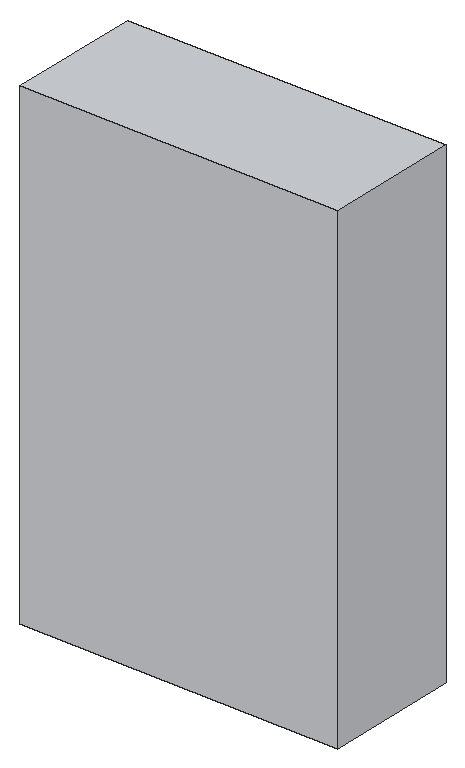
Revit family "ef4ce2dd089f465ba21ba0be2c9a0d65", category Electrical Fixtures, Revit 2021
Family settings
  Maintain Annotation Orientation = Yes
  Round Connector Dimension = Use Diameter
  Part Type = Normal
  OmniClass Number = 23.75.70.17.11
  OmniClass Title = Radiators
  Seek Item ID = Heater-0000-USA-ENU
  Work Plane-Based = No
  Always vertical = Yes
  Cut with Voids When Loaded = No
  Shared = No
  Room Calculation Point = No
Parameters (values of type "Standard")
  Width = 0' - 8"
  Voltage = 120 V
  Number of Poles = 1
  Load Classification = Heating
  Length = 1' - 6 115/128"
  Label = "H"
  Height = 2' - 4 77/128"
  Heater Material = none
  Default Elevation = 0' - 0"
  Apparent Load = 1500 VA
Reference planes (in)
  plane 1 "Center (Front/Back)": y = 0
  plane 2: z = 0
  plane 3 "Center (Left/Right)": x = 0
  plane 4: x = -9.44922
  plane 5: x = 9.44922
  plane 6: y = -8
  plane 7: z = 28.60156
Forms (in)
  Extrusion 1, solid, material <- "Heater Material"
    sketch origin (0, 0, 0) x (1, 0, 0) y (0, 1, 0)
      loop
        line (-9.44922, 0) -> (-9.44922, -8) -> (9.44922, -8) -> (9.44922, 0) -> (-9.44922, 0)
    from 0 to 28.60156
Lines and regions (in)
  symbolic lines, detail levels fine
    curve 1: line (9.44922, 0, 0) -> (-9.44922, 0, 0)
    curve 2: line (-9.44922, 0, 0) -> (-9.44922, -8, 0)
    curve 3: line (-9.44922, -8, 0) -> (9.44922, -8, 0)
    curve 4: line (9.44922, -8, 0) -> (9.44922, 0, 0)
Dimensions and locks (in)
  equal spacing: plane 4, plane 3 "Center (Left/Right)", plane 5
  "Length": plane 4 to plane 5
  "Width": plane 6 to plane 1 "Center (Front/Back)"
  "Height": plane 7 to plane 2
  aligned and locked: plane 4 to Extrusion 1 sketch curve
  aligned and locked: plane 1 "Center (Front/Back)" to Extrusion 1 sketch curve
  aligned and locked: plane 6 to Extrusion 1 sketch curve
  aligned and locked: Extrusion 1 sketch curve to plane 5
  aligned and locked: Extrusion 1 to plane 2
  aligned and locked: plane 7 to Extrusion 1
  aligned and locked: plane 1 "Center (Front/Back)" to nested 1
  aligned and locked: plane 3 "Center (Left/Right)" to nested 1
  aligned and locked: curve 1 to Extrusion 1
  aligned and locked: curve 2 to Extrusion 1
  aligned and locked: curve 3 to Extrusion 1
  aligned and locked: curve 4 to Extrusion 1
Nested families (in)
  nested 1: "Heater Annotation" at (0, 0, 0), type "Heater Annotation", detail levels coarse+medium
Connectors (in)
  electrical at (0, 0, 14.30078), driven by "Voltage", driven by "Apparent Load", driven by "Number of Poles", driven by "Apparent Load", driven by "Load Classification"
    settings: on Extrusion 1, index 1, voltage 120 V, apparent load 1500 VA, apparent load phase1 1500 VA, apparent load phase2 0 VA, apparent load phase3 0 VA, power factor 1, load classification "Heating", number of poles 1, system type 30, power factor state 1, is connector primary yes, connector utility no, sub classification motor no, connector description ""
Definition of nested family "Heater Annotation"
  Parameters
    Label Annotation = "H"
  Reference planes (in)
    plane 1: y = 0
    plane 2: x = 0
  Lines and regions (in)
    reference lines
      curve 1: line (0.09375, 0.45885, 0) -> (0.09375, -0.42947, 0)
      curve 2: line (-0.09375, 0.32053, 0) -> (-0.09375, -0.42947, 0)
      curve 3: line (-0.41942, -0.1875, 0) -> (0.88353, -0.1875, 0)
    detail lines
      curve 4: line (-0.09375, 0, 0) -> (0.09375, 0, 0)
      curve 5: line (-0.09375, -0.1875, 0) -> (-0.09375, 0, 0)
      curve 6: line (0.09375, -0.1875, 0) -> (-0.09375, -0.1875, 0)
      curve 7: line (0.09375, 0, 0) -> (0.09375, -0.1875, 0)
  Text (in)
    label "H" at (-0.04714, -0.09328, 0), shows "Label Annotation"
  Dimensions and locks (in)
    locked: plane 2 to curve 1 at 0.09375
    locked: curve 2 to plane 2 at 0.09375
    locked: curve 3 to plane 1 at 0.1875
    aligned and locked: curve 2 to curve 4
    aligned and locked: plane 1 to curve 4
    aligned and locked: curve 3 to curve 7
    aligned and locked: curve 1 to curve 7
